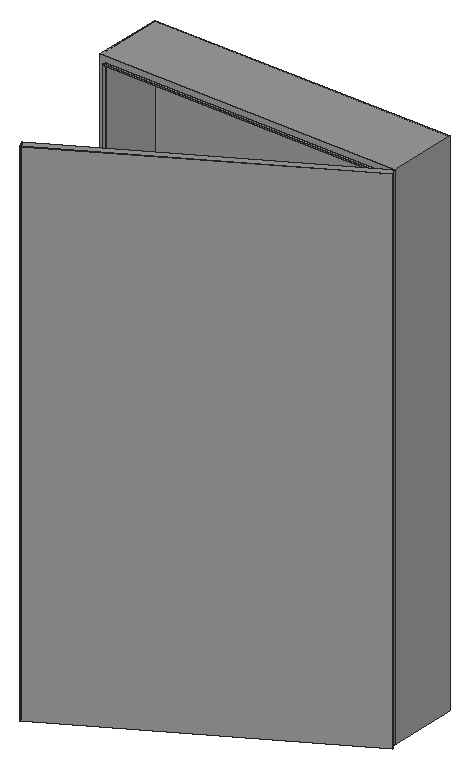
Revit family "Hager-Univers-IP44-D205-H1400-Cl.I-Encl-NoHosted-PL-pl", category Electrical Equipment, Revit 2020
Family settings
  Panel Configuration = Two Columns, Circuits Across
  Round Connector Dimension = Use Diameter
  Part Type = Panelboard
  Work Plane-Based = Yes
  Always vertical = Yes
  Cut with Voids When Loaded = No
  Shared = No
  Room Calculation Point = No
Parameters (values of type "Montaż natynkowy IP44 S800 W1400 G205  - FP93TN2")
  Width Control [instance] = if([EF000008 - Szerokość] > Min Width, [EF000008 - Szerokość], Min Width)  # 800 mm
  Type Comments = [HG000003 - Zakres]  # "Univers"
  Thickness Door [instance] = if([EF009171 - Drzwi/pokrywa z materiału o wysokiej wytrzymałości mechanicznej] > 3 mm, 3 mm, [EF009171 - Drzwi/pokrywa z materiału o wysokiej wytrzymałości mechanicznej])  # 1 mm
  Seal Frame Offset [instance] = 17 mm  # constant formula
  Plinth Visibility [instance] = [HG000027 - Wysokość cokołu] > 0 mm  # no
  Min Width [instance] = 100 mm  # constant formula
  Min Depth [instance] = (2 * [EF009170 - Obudowa z materiału o wysokiej wytrzymałości mechanicznej]) + 1 mm  # 3 mm
  Min Height [instance] = 100 mm  # constant formula
  Internal Frame Depth [instance] = (Door System Depth * 0.5)  # 9 mm
  Panel Name [instance] = ""  # (empty or 0)
  Model = ""
  HG000027 - Wysokość cokołu = 0 mm
  HG000026 - Stojąca = no
  HG000024 - Wysokość części dolnej = 600 mm
  HG000023 - Obudowa dwusekcyjna = no
  HG000016 - Widoczność drzwi w widoku 3D [instance] = yes
  HG000015 - Przestrzeń robocza - otwarcie drzwi [instance] = no
  HG000014 - Drzwi prawe [instance] = yes
  HG000013 - Drzwi lewe [instance] = not([HG000014 - Drzwi prawe])  # no
  HG000012 - Kąt otwarcia drzwi [instance] = 30.00°
  HG000010 - Drzwi asymetryczne = no
  HG000009 - Drzwi dwuskrzydłowe = no
  HG000006 - Montaż podtynkowy = no
  HG000004 - Referencja producenta = "FP93TN2"
  HG000003 - Zakres = "Univers"
  HG000002 - Z drzwiami lub pokrywą = yes
  Frame Offset Bottom [instance] = 10 mm  # constant formula
  Frame Offset [instance] = 15 mm  # constant formula
  EF015940 - Pokrywa z wyzwalaczem nadciśnieniowym = no
  EF011959 - Stopień ochrony (NEMA) = ""
  EF009554 - Liczba otworów pod flansze = 6
  EF009212 - Wykonanie pokrywy = "EV000116 - Zamknięty"
  EF009171 - Drzwi/pokrywa z materiału o wysokiej wytrzymałości mechanicznej = 1 mm
  EF009170 - Obudowa z materiału o wysokiej wytrzymałości mechanicznej = 1 mm
  EF008873 - Prąd znamionowy (In) = 250 A
  EF007800 - Do ochrony odgromowej = no
  EF006306 - Z zamkiem = no
  EF006244 - Transparentna pokrywa/drzwi = no
  EF005474 - Stopień ochrony (IP) = "EV006418 - IP44"
  EF004464 - Rodzaj drzwi = "EV002646 - Pojedynczy"
  EF004427 - Liczba modułów = 324
  EF004293 - Odporność udarowa = "EV006815 - IK09"
  EF003532 - Do zastosowań zewnętrznych = no
  EF002950 - Szerokość wyrażona liczbą modułów = 36
  EF001613 - Podtrzymanie funkcji = "EV000494 - Brak"
  EF001596 - Materiał obudowy = "EV000179 - Stal"
  EF001131 - Głębokość wewnętrzna = 130 mm
  EF001088 - Możliwość rozbudowy = yes
  EF000437 - Liczba wejść kablowych = 6
  EF000339 - Rodzaj pokrywy = "EV001012 - Pokrywa"
  EF000266 - Liczba rzędów = 9
  EF000218 - Głębokość wbudowania = 205 mm
  EF000118 - Z płytą montażową = no
  EF000116 - Numer RAL = "9010"
  EF000049 - Głębokość = 205 mm
  EF000040 - Wysokość = 1400 mm
  EF000008 - Szerokość = 800 mm
  EF000007 - Kolor = "EV000202 - Biały"
  EF000003 - Sposób montażu = "EV000384 - Montaż natynkowy"
  Door System Leaf Tolerance [instance] = 1.5 mm  # constant formula
  Door System Depth [instance] = 18 mm  # constant formula
  Door Height [instance] = Height Control - [HG000027 - Wysokość cokołu]  # 1400 mm
  Description = ""
  Default Elevation = 1219.2 mm
  Connector Offset [instance] = Height Control / 2  # 700 mm
  Manufacturer = "Hager"  # constant formula
  Height Control [instance] = if([EF000040 - Wysokość] > Min Height, [EF000040 - Wysokość], Min Height)  # 1400 mm
  Depth Control [instance] = if([EF000049 - Głębokość] > Min Depth, [EF000049 - Głębokość], Min Depth)  # 205 mm
  Bottom Top Plate Trim [instance] = 1.5 mm  # constant formula
  Plinth height Ctrl [instance] = if([HG000027 - Wysokość cokołu] > 0 mm, [HG000027 - Wysokość cokołu], 12 mm)  # 12 mm
Types (4, lengths in mm): name | Width Control | HG000010 - Drzwi asymetryczne | HG000009 - Drzwi dwuskrzydłowe | HG000004 - Referencja producenta | EF009554 - Liczba otworów pod flansze | EF004464 - Rodzaj drzwi | EF004427 - Liczba modułów | EF002950 - Szerokość wyrażona liczbą modułów | EF000437 - Liczba wejść kablowych | EF000008 - Szerokość
  Montaż natynkowy IP44 S1300 W1400 G205  - FP95TN2 | 1300 | yes | yes | "FP95TN2" | 10 | "EV003602 - Podwójny" | 540 | 60 | 10 | 1300
  Montaż natynkowy IP44 S300 W1400 G205  - FP91TN2 | 300 | no | no | "FP91TN2" | 2 | "EV002646 - Pojedynczy" | 108 | 12 | 2 | 300
  Montaż natynkowy IP44 S550 W1400 G205  - FP92TN2 | 550 | no | no | "FP92TN2" | 4 | "EV002646 - Pojedynczy" | 216 | 24 | 4 | 550
  Montaż natynkowy IP44 S800 W1400 G205  - FP93TN2 | 800 | no | no | "FP93TN2" | 6 | "EV002646 - Pojedynczy" | 324 | 36 | 6 | 800
Reference planes
  plane 1 "Center (Front/Back)": y = 0
  plane 2: z = 0
  plane 3 "Center (Left/Right)": x = 0
  plane 4: y = 0
  plane 5: y = 0
  plane 6: z = 0
  plane 7: x = -400
  plane 8: x = 400
  plane 9: x = 399
  plane 10: x = -399
  plane 11: z = 0
  plane 12: z = 1
  plane 13: y = -205
  plane 14: y = -1
  plane 15: x = 0
  plane 16: y = -187
  plane 17: y = -204
  plane 18: y = -186
  plane 19: x = -384
  plane 20: x = 384
  plane 21: z = 11
  plane 22: x = -383
  plane 23: x = 383
  plane 24: z = 0
  plane 25: z = 1400
  plane 26: z = 1400
  plane 27: z = 1384
  plane 28: z = 1399
Forms (mm)
  Extrusion 1, solid, material "Hager_Steel_RAL7035_Light_Grey", detail levels medium+fine
    sketch origin (-208.679, -4572, 0) x (-1, 0, 0) y (0, -1, 0)
      loop
        line (191.321, -4385) -> (-608.679, -4385) -> (-608.679, -4572) -> (191.321, -4572) -> (191.321, -4385)
    from 0 to 1400
  Extrusion 2, void
    sketch origin (-350.771, -205, 1219.2) x (1, 0, 0) y (0, 0, 1)
      loop
        line (-48.229, 179.8) -> (-48.229, -1218.2) -> (749.771, -1218.2) -> (749.771, 179.8) -> (-48.229, 179.8)
    from -19 to -204
  Extrusion 3, void
    sketch origin (-290.084, -187, 1219.2) x (1, 0, 0) y (0, 0, 1)
      loop
        line (-93.916, -1208.2) -> (674.084, -1208.2) -> (674.084, 164.8) -> (-93.916, 164.8) -> (-93.916, -1208.2)
    from 0 to -1
  Extrusion 4, solid, material "Hager_Steel_RAL7035_Light_Grey", visible <- "Plinth Visibility", detail levels medium+fine
    sketch origin (0, 0, 0) x (1, 0, 0) y (0, 1, 0)
      loop
        line (-400, 0) -> (-400, -187) -> (400, -187) -> (400, 0) -> (-400, 0)
    from 0 to 12 <- "Plinth height Ctrl"
  Extrusion 5, solid, material "Hager_Steel_RAL7035_Light_Grey", detail levels coarse
    sketch origin (0, 0, 0) x (1, 0, 0) y (0, 1, 0)
      loop
        line (-400, 0) -> (-400, -205) -> (400, -205) -> (400, 0) -> (-400, 0)
    from 0 to 1400 <- "Height Control"
  Sweep 6, void
    path in 3D
      loop
        line (-400, -187, 12) -> (400, -187, 12) -> (400, 0, 12) -> (-400, 0, 12) -> (-400, -187, 12)
    profile origin (-400, -93.5, 12) x (1, 0, 0) y (0, 0, 1)
      loop
        line (0, 0) -> (0, -1.5) -> (1.5, -1.5)
        arc (1.5, -1.5) -> (1.061, -0.439) -> (0, 0) r 1.5
  Extrusion 7, solid, material "Hager_Steel_RAL7035_Light_Grey", detail levels fine
    sketch origin (-400, -187, 0) x (1, 0, 0) y (0, 0, 1)
      loop
        line (16, 11) -> (784, 11) -> (784, 1384) -> (16, 1384) -> (16, 11)
      loop
        line (15, 10) -> (785, 10) -> (785, 1385) -> (15, 1385) -> (15, 10)
    from 0 to 9 <- "Internal Frame Depth"
Cuts and joins
  Extrusion 2, Extrusion 3 cuts Extrusion 1
  Sweep 6 cuts Extrusion 4
Lines and regions (mm)
  Masking region 1
    outline origin (0, 0, 0) x (1, 0, 0) y (0, 1, 0)
      loop
        line (-400, 0) -> (-400, -205) -> (400, -205) -> (400, 0) -> (-400, 0)
  Masking region 2, detail levels coarse
    outline origin (-290.084, -187, 1219.2) x (-1, 0, 0) y (0, 0, 1)
      loop
        line (-690.084, -1219.2) -> (109.916, -1219.2) -> (109.916, 180.8) -> (-690.084, 180.8) -> (-690.084, -1219.2)
  Masking region 3, detail levels coarse
    outline origin (0, 0, 0) x (0, 1, 0) y (0, 0, 1)
      loop
        line (0, 0) -> (0, 1400) -> (-205, 1400) -> (-205, 0) -> (0, 0)
  Masking region 4, visible <- "Plinth Visibility", detail levels medium+fine
    outline origin (0, 0, 0) x (0, 1, 0) y (0, 0, 1)
      loop
        line (-1.5, 12) -> (-185.5, 12)
        arc (-185.5, 12) -> (-185.939, 10.939) -> (-187, 10.5) r 1.5
        line (-187, 10.5) -> (-187, 0) -> (0, 0) -> (0, 10.5)
        arc (0, 10.5) -> (-1.061, 10.939) -> (-1.5, 12) r 1.5
  Masking region 5, detail levels medium+fine
    outline origin (0, 0, 594.038) x (0, 1, 0) y (0, 0, 1)
      loop
        line (0, -594.038) -> (0, 805.962) -> (-187, 805.962) -> (-187, -594.038) -> (0, -594.038)
  Masking region 6, detail levels medium+fine
    outline origin (-359.7, -187, 1211.883) x (-1, 0, 0) y (0, 0, 1)
      loop
        line (-759.7, -1211.883) -> (40.3, -1211.883) -> (40.3, 188.117) -> (-759.7, 188.117) -> (-759.7, -1211.883)
  Masking region 7, visible <- "Plinth Visibility", detail levels medium+fine
    outline origin (-320.334, -187, 1041.368) x (-1, 0, 0) y (0, 0, 1)
      loop
        line (-720.334, -1041.368) -> (79.666, -1041.368) -> (79.666, -1030.868)
        arc (79.666, -1030.868) -> (78.606, -1030.429) -> (78.166, -1029.368) r 1.5
        line (78.166, -1029.368) -> (-718.834, -1029.368)
        arc (-718.834, -1029.368) -> (-719.273, -1030.429) -> (-720.334, -1030.868) r 1.5
        line (-720.334, -1030.868) -> (-720.334, -1041.368)
  sketch lines
    curve 1: line (-400, 0, 12) -> (-400, -187, 12)
    curve 2: line (-400, -187, 12) -> (400, -187, 12)
    curve 3: line (400, 0, 12) -> (-400, 0, 12)
    curve 4: line (400, -187, 12) -> (400, 0, 12)
Dimensions and locks
  locked: plane 1 "Center (Front/Back)" to plane 5
  "EF009170 - Obudowa z materiału o wysokiej wytrzymałości mechanicznej": plane 7 to plane 10
  "EF009170 - Obudowa z materiału o wysokiej wytrzymałości mechanicznej": plane 8 to plane 9
  equal spacing: plane 7, plane 3 "Center (Left/Right)", plane 8
  "Width Control": plane 7 to plane 8
  "Depth Control": plane 4 to plane 13
  "EF009170 - Obudowa z materiału o wysokiej wytrzymałości mechanicznej": plane 4 to plane 14
  "Height Control": plane 25 to level
  "HG000027 - Wysokość cokołu": plane 11 to level
  "EF009170 - Obudowa z materiału o wysokiej wytrzymałości mechanicznej": plane 12 to plane 11
  "EF009170 - Obudowa z materiału o wysokiej wytrzymałości mechanicznej": plane 17 to plane 13
  "EF009170 - Obudowa z materiału o wysokiej wytrzymałości mechanicznej": plane 18 to plane 16
  "Frame Offset Bottom": plane 21 to plane 12
  "Frame Offset": plane 10 to plane 19
  "Frame Offset": plane 9 to plane 20
  "Door System Depth": plane 16 to plane 13
  "Seal Frame Offset": plane 7 to plane 22
  "Seal Frame Offset": plane 8 to plane 23
  "EF009170 - Obudowa z materiału o wysokiej wytrzymałości mechanicznej": plane 26 to plane 28
  "Frame Offset": plane 28 to plane 27
  "Connector Offset": plane 2 to connector elem
  "Bottom Top Plate Trim": profile plane to Sweep 6 sketch curve
  "Bottom Top Plate Trim": Sweep 6 sketch curve to Sweep 6 sketch curve
  "Plinth height Ctrl": Masking region 4 sketch curve to level
  "Plinth height Ctrl": Masking region 7 sketch curve to level
  "Thickness Door": Extrusion 7 sketch curve to Extrusion 7 sketch curve  (x4)
  "Bottom Top Plate Trim": radius of Sweep 6 sketch curve
  "Bottom Top Plate Trim": radius of Masking region 4 sketch curve  (x2)
  "Bottom Top Plate Trim": radius of Masking region 7 sketch curve  (x2)
  aligned and locked: Extrusion 2 sketch curve to plane 12
  aligned and locked: Extrusion 2 sketch curve to plane 9
  aligned and locked: Extrusion 2 sketch curve to plane 10
  aligned and locked: Extrusion 2 to plane 14
  aligned and locked: Extrusion 1 sketch curve to plane 4
  aligned and locked: plane 8 to Extrusion 1 sketch curve
  aligned and locked: plane 7 to Extrusion 1 sketch curve
  aligned and locked: Extrusion 2 to plane 18
  aligned and locked: Extrusion 3 sketch curve to plane 19
  aligned and locked: plane 20 to Extrusion 3 sketch curve
  aligned and locked: Extrusion 3 to Extrusion 2
  aligned and locked: Extrusion 3 sketch curve to plane 21
  aligned and locked: plane 3 "Center (Left/Right)" to nested 1
  aligned and locked: Extrusion 1 sketch curve to plane 16
  aligned and locked: Extrusion 4 sketch curve to cut or joined group of Extrusion 1, Extrusion 2, Extrusion 3
  aligned and locked: Masking region 1 sketch curve to plane 7
  aligned and locked: Masking region 1 sketch curve to plane 5
  aligned and locked: Masking region 1 sketch curve to plane 8
  aligned and locked: Masking region 2 sketch curve to level
  aligned and locked: level to Masking region 3 sketch curve
  aligned and locked: plane 1 "Center (Front/Back)" to Masking region 3 sketch curve
  aligned and locked: plane 13 to Masking region 3 sketch curve
  aligned and locked: plane 5 to Masking region 4 sketch curve
  aligned and locked: Masking region 2 sketch curve to plane 8
  aligned and locked: Masking region 2 sketch curve to plane 7
  aligned and locked: plane 7 to nested 2
  aligned and locked: nested 2 to plane 5
  aligned and locked: plane 5 to Masking region 5 sketch curve
  aligned and locked: plane 26 to Masking region 5 sketch curve
  aligned and locked: Extrusion 5 sketch curve to plane 8
  aligned and locked: Extrusion 5 sketch curve to plane 7
  aligned and locked: Extrusion 5 sketch curve to plane 5
  aligned and locked: Extrusion 3 sketch curve to plane 27
  aligned and locked: Extrusion 2 sketch curve to plane 28
  aligned and locked: Masking region 2 to plane 25
  aligned and locked: Extrusion 4 to plane 16
  aligned and locked: profile plane to Sweep 6 sketch curve
  aligned and locked: Masking region 5 sketch curve to plane 24
  aligned and locked: level to Masking region 4 sketch curve
  aligned and locked: Masking region 1 to plane 13
  aligned and locked: nested 1 to plane 16
  aligned and locked: Masking region 3 to plane 25
  aligned and locked: plane 16 to Masking region 4 sketch curve
  aligned and locked: Masking region 5 sketch curve to plane 16
  aligned and locked: plane 24 to plane 11
  aligned and locked: plane 26 to plane 25
  aligned and locked: plane 26 to cut or joined group of Extrusion 1, Extrusion 2, Extrusion 3
  aligned and locked: nested 1 to plane 24
  aligned and locked: Extrusion 1 to Extrusion 3
  aligned and locked: Masking region 6 sketch curve to plane 8
  aligned and locked: Masking region 6 sketch curve to plane 24
  aligned and locked: Masking region 6 sketch curve to plane 7
  aligned and locked: Masking region 6 sketch curve to plane 26
  aligned and locked: Masking region 7 sketch curve to plane 7
  aligned and locked: level to Masking region 7 sketch curve
  aligned and locked: Masking region 7 sketch curve to plane 8
  aligned and locked: Extrusion 7 sketch curve to cut or joined group of Extrusion 1, Extrusion 2, Extrusion 3  (x4)
Automatic sketch dimensions
  plane 19 to Extrusion 3 sketch curve = 0 mm
  Extrusion 3 sketch curve to plane 20 = 0 mm
  Extrusion 3 sketch curve to plane 21 = 0 mm
  Extrusion 4 sketch curve to plane 7 = 0 mm
  Extrusion 4 sketch curve to plane 8 = 0 mm
  Extrusion 4 sketch curve to plane 16 = 0 mm
  Masking region 1 sketch curve to plane 13 = 0 mm
  Masking region 2 sketch curve to plane 25 = 0 mm
  Masking region 3 sketch curve to plane 25 = 0 mm
  Extrusion 5 sketch curve to plane 13 = 0 mm
  profile plane to Sweep 6 sketch curve = 0 mm
Nested families
  nested 1: "EC000058_Univers_Door" at (0, -187, 0), Double <- "HG000009 - Drzwi dwuskrzydłowe", Transparent <- "EF006244 - Transparentna pokrywa/drzwi", Angle <- "HG000012 - Kąt otwarcia drzwi", Door_Right <- "HG000014 - Drzwi prawe", Assymetrical <- "HG000010 - Drzwi asymetryczne", Door <- "HG000002 - Z drzwiami lub pokrywą", Width_Ctrl <- "Width Control", 3d_Door <- "HG000016 - Widoczność drzwi w widoku 3D", Clearance <- "HG000015 - Przestrzeń robocza - otwarcie drzwi", Door_Left <- "HG000013 - Drzwi lewe", Width <- "Width Control", Door_Depth <- "Door System Depth", Leaf_Tolerance <- "Door System Leaf Tolerance", Height <- "Door Height", Lock_Visibility <- "EF006306 - Z zamkiem", Thickness <- "Thickness Door", type "EC000058_Univers_Door", detail levels medium+fine
    with min_wh 3 mm, Width_Ctrl 800 mm, Width 800 mm, Transparent no, Thickness 1 mm, Seal_Material Hager_Rubber, Lock_Visibility no, Lock_Material Hager_Plastic_RAL9005_Jet_Black, Leaf_Width 800 mm, Leaf_Tolerance_External_Sides 0 mm, Leaf_Tolerance 1.5 mm, Leaf_Offset 0 mm, Leaf_Height 1397 mm, Leaf_2_Width 800 mm, Leaf_2_Offset 400 mm, Leaf_1_Width 800 mm, Leaf_1_Offset 400 mm, Height_Ctrl 1400 mm, Height 1400 mm, Glass_Material Hager_Glass, Double_Clearance_Ctrl no, Double no, Door_Right_Ctrl yes, Door_Right yes, Door_Material Hager_Steel_RAL7035_Light_Grey, Door_Left_Ctrl no, Door_Left no, Door_Depth 18 mm, Door yes, Clearance_Material Hager_Clearance, Clearance_Depth 800 mm, Clearance_Ctrl no, Clearance no, Assymetrical no, Angle 30.00°, 3d_Door yes
  nested 2: "Hager_Enclosure_Symbol" at (-400, 0, 0), Height <- "Depth Control", Width <- "Width Control", type "Hager_Enclosure_Symbol"
    with Width_Ctrl 800 mm, Width 800 mm, Height_Ctrl 205 mm, Height 205 mm, A_Width_Int 13.453 mm, A_Width 161.438 mm, A_Height_Ctrl 179.375 mm, A_Height 179.375 mm
Connectors
  electrical at (0, 0, 700)
    settings: on plane 1 "Center (Front/Back)", index 1, voltage 0 V, apparent load 0 VA, apparent load phase1 0 VA, apparent load phase2 0 VA, apparent load phase3 0 VA, power factor 1, load classification "Other", number of poles 1, system type 30, power factor state 1, is connector primary yes, connector utility no, sub classification motor no, connector description ""
Definition of nested family "EC000058_Univers_Door"
  Parameters (values of type "EC000058_Univers_Door")
    min_wh [instance] = (2 * Thickness) + 1 mm  # 11 mm
    Width_Ctrl [instance] = 400 mm
    Width [instance] = 500 mm
    Transparent [instance] = yes
    Thickness [instance] = 5 mm
    Seal_Material [instance] = none
    Lock_Visibility [instance] = yes
    Lock_Material [instance] = none
    Leaf_Width [instance] = if((Width_Ctrl - 2 * Leaf_Tolerance_External_Sides) > 0 mm, (Width_Ctrl - 2 * Leaf_Tolerance_External_Sides), min_wh)  # 400 mm
    Leaf_Tolerance_External_Sides [instance] = 0 mm  # constant formula
    Leaf_Tolerance [instance] = 1.5 mm
    Leaf_Offset [instance] = 0 mm  # constant formula
    Leaf_Height [instance] = if((Height_Ctrl - 2 * Leaf_Tolerance) > 0 mm, (Height_Ctrl - 2 * Leaf_Tolerance), min_wh)  # 497 mm
    Leaf_2_Width [instance] = if(and(and(Double, Assymetrical), Door_Left), (Leaf_Width / 3) - (Leaf_Tolerance / 2), if(and(and(Double, Assymetrical), Door_Right), (Leaf_Width / 3) * 2 - (Leaf_Tolerance / 2), if(and(Double, not(Assymetrical)), (Leaf_Width / 2) - Leaf_Tolerance, Leaf_Width)))  # 400 mm
    Leaf_2_Offset [instance] = if(and(Double, Assymetrical), Leaf_2_Width / 2, if(and(Double, not(Assymetrical)), Leaf_Width / 4, Leaf_Width / 2))  # 200 mm
    Leaf_1_Width [instance] = if(and(and(Double, Assymetrical), Door_Right), (Leaf_Width / 3) - (Leaf_Tolerance / 2), if(and(and(Double, Assymetrical), Door_Left), (Width / 3) * 2 - (Leaf_Tolerance / 2), if(and(Double, not(Assymetrical)), (Leaf_Width / 2) - Leaf_Tolerance, Leaf_Width)))  # 400 mm
    Leaf_1_Offset [instance] = if(and(Double, Assymetrical), Leaf_1_Width / 2, if(and(Double, not(Assymetrical)), Leaf_Width / 4, Leaf_Width / 2))  # 200 mm
    Height_Ctrl [instance] = if(Height > min_wh, Height, min_wh)  # 500 mm
    Height [instance] = 500 mm
    Glass_Material [instance] = none
    Double_Clearance_Ctrl [instance] = and(Double, Clearance)  # no
    Double [instance] = no
    Door_Right_Ctrl [instance] = and(or(Door_Right, Double), Door)  # yes
    Door_Right [instance] = yes
    Door_Material [instance] = none
    Door_Left_Ctrl [instance] = and(or(Door_Left, Double), Door)  # no
    Door_Left [instance] = no
    Door_Depth [instance] = 30 mm
    Door [instance] = yes
    Default Elevation = 1219.2 mm
    Clearance_Material [instance] = none
    Clearance_Depth [instance] = if(Leaf_1_Width > Leaf_2_Width, Leaf_1_Width, Leaf_2_Width)  # 400 mm
    Clearance_Ctrl [instance] = and(not(Double), Clearance)  # yes
    Clearance [instance] = yes
    Assymetrical [instance] = yes
    Angle [instance] = 30.00°
    3d_Door [instance] = yes
  Reference planes
    plane 1 "Center (Front/Back)": y = 0
    plane 2 "Bottom": z = 0
    plane 3 "Center (Left/Right)": x = 0
    plane 4: z = 500
    plane 5: x = -200
    plane 6: x = 200
    plane 7: z = 500
    plane 8: x = -200
    plane 9: z = 0
    plane 10: x = 200
    plane 11: y = 0
    plane 12: z = 1.5
    plane 13: x = -600
    plane 14: y = -400
    plane 15: x = 600
    plane 16: x = 0
    plane 17: x = 0
    plane 18: x = -200
    plane 19: x = 200
    plane 20: z = 498.5
  Forms (mm)
    Extrusion 1, solid, material <- "Clearance_Material", visible <- "Double_Clearance_Ctrl"
      sketch origin (1200, 0, 0) x (1, 0, 0) y (0, 0, -1)
        loop
          line (-1800, -498.5) -> (-600, -498.5) -> (-600, 0) -> (-1800, 0) -> (-1800, -498.5)
      from 0 to -400
  Dimensions and locks
    equal spacing: plane 5, plane 3 "Center (Left/Right)", plane 6
    "Width_Ctrl": plane 5 to plane 6
    "Leaf_Offset": plane 5 to plane 8
    "Leaf_Offset": plane 6 to plane 10
    "Leaf_Offset": plane 9 to level
    "Leaf_Offset": plane 4 to plane 7
    "Height_Ctrl": plane 4 to level
    "Leaf_Tolerance": plane 12 to plane 9
    locked: plane 11 to plane 1 "Center (Front/Back)"
    "Leaf_1_Offset": plane 18 to plane 16
    "Leaf_2_Offset": plane 17 to plane 19
    "Leaf_1_Width": plane 13 to plane 8
    "Leaf_2_Width": plane 10 to plane 15
    "Clearance_Depth": plane 14 to plane 1 "Center (Front/Back)"
    "Leaf_Tolerance_External_Sides": plane 8 to plane 18
    "Leaf_Tolerance_External_Sides": plane 19 to plane 10
    "Leaf_Tolerance": plane 7 to plane 20
    aligned and locked: level to plane 2 "Bottom"
    aligned and locked: nested 1 to plane 16
    aligned and locked: nested 2 to plane 17
    aligned and locked: Extrusion 1 to plane 13
    aligned and locked: plane 15 to Extrusion 1
    aligned and locked: Extrusion 1 to plane 14
    aligned and locked: plane 12 to nested 1
    aligned and locked: nested 2 to plane 12
    aligned and locked: Extrusion 1 to plane 11
    aligned and locked: plane 20 to Extrusion 1
    aligned and locked: nested 2 to plane 11
    aligned and locked: nested 1 to plane 11
  Automatic sketch dimensions
    Extrusion 1 sketch curve to level = 0 mm
    plane 5 to Extrusion 1 sketch curve = 400 mm
    plane 6 to Extrusion 1 sketch curve = 400 mm
    Extrusion 1 sketch curve to plane 4 = 1.5 mm
  Nested families
    nested 1: "EC000058_Univers_Door_Leaf" at (0, 0, 1.5), Width <- "Leaf_1_Width", visible <- "Door_Left_Ctrl", Leaf_Height <- "Leaf_Height", Angle <- "Angle", 3d_Door <- "3d_Door", Transparent <- "Transparent", Clearance Material <- "Clearance_Material", Clearance <- "Clearance_Ctrl", Door_Material <- "Door_Material", Glass_Material <- "Glass_Material", Door_Depth <- "Door_Depth", Lock_Material <- "Lock_Material", Seal_Material <- "Seal_Material", Lock_Visibility <- "Lock_Visibility", Thickness <- "Thickness", type "EC000058_Univers_Door_Leaf"
      with Width 400 mm, Transparent_Glass_Offset 30 mm, Transparent_Ctrl yes, Transparent yes, Thickness 5 mm, Standard no, Seal_Material none, Seal_D2 8 mm, Seal_D1 1 mm, Offset_Internal_Frame 10 mm, Lock_Width 20 mm, Lock_Visibility_3d yes, Lock_Visibility yes, Lock_Thickness_3 3 mm, Lock_Thickness_2 1 mm, Lock_Thickness_1 3 mm, Lock_Radius_Offset_2 16 mm, Lock_Radius_Offset_1 15 mm, Lock_Radius_2 5 mm, Lock_Radius 6 mm, Lock_Offset 5 mm, Lock_Material none, Lock_Height 80 mm, Lock_Cover_Top_Offset_2d 17 mm, Lock_Cover_Height -65 mm, Leaf_Height 497 mm, Internal_Seal_Thickness 8 mm, Internal_Seal_Depth_2 4.5 mm, Internal_Frame_Depth 25 mm, Glass_Thickness -1 mm, Glass_Offset -2 mm, Glass_Material none, Door_Material none, Door_Depth 30 mm, Clearance Material none, Clearance yes, Angle_Ctrl 30.00°, Angle 30.00°, 3d_Door yes
    nested 2: "EC000058_Univers_Door_Leaf" at (0, 0, 1.5) x (-1, 0, 0) z (0, 0, 1), Width <- "Leaf_2_Width", visible <- "Door_Right_Ctrl", Leaf_Height <- "Leaf_Height", Angle <- "Angle", 3d_Door <- "3d_Door", Transparent <- "Transparent", Clearance Material <- "Clearance_Material", Clearance <- "Clearance_Ctrl", Door_Material <- "Door_Material", Glass_Material <- "Glass_Material", Door_Depth <- "Door_Depth", Lock_Material <- "Lock_Material", Seal_Material <- "Seal_Material", Lock_Visibility <- "Lock_Visibility", Thickness <- "Thickness", type "EC000058_Univers_Door_Leaf"
      with Width 400 mm, Transparent_Glass_Offset 30 mm, Transparent_Ctrl yes, Transparent yes, Thickness 5 mm, Standard no, Seal_Material none, Seal_D2 8 mm, Seal_D1 1 mm, Offset_Internal_Frame 10 mm, Lock_Width 20 mm, Lock_Visibility_3d yes, Lock_Visibility yes, Lock_Thickness_3 3 mm, Lock_Thickness_2 1 mm, Lock_Thickness_1 3 mm, Lock_Radius_Offset_2 16 mm, Lock_Radius_Offset_1 15 mm, Lock_Radius_2 5 mm, Lock_Radius 6 mm, Lock_Offset 5 mm, Lock_Material none, Lock_Height 80 mm, Lock_Cover_Top_Offset_2d 17 mm, Lock_Cover_Height -65 mm, Leaf_Height 497 mm, Internal_Seal_Thickness 8 mm, Internal_Seal_Depth_2 4.5 mm, Internal_Frame_Depth 25 mm, Glass_Thickness -1 mm, Glass_Offset -2 mm, Glass_Material none, Door_Material none, Door_Depth 30 mm, Clearance Material none, Clearance yes, Angle_Ctrl 30.00°, Angle 30.00°, 3d_Door yes
  Definition of nested family "EC000058_Univers_Door_Leaf"
    Parameters (values of type "EC000058_Univers_Door_Leaf")
      Width [instance] = 2000 mm
      Transparent_Glass_Offset [instance] = 30 mm
      Transparent_Ctrl [instance] = and(Transparent, [3d_Door])  # yes
      Transparent [instance] = yes
      Thickness [instance] = 5 mm
      Standard [instance] = and(not(Transparent), [3d_Door])  # no
      Seal_Material [instance] = none
      Seal_D2 [instance] = 8 mm  # constant formula
      Seal_D1 [instance] = 1 mm  # constant formula
      Offset_Internal_Frame [instance] = 10 mm  # constant formula
      Lock_Width [instance] = 20 mm  # constant formula
      Lock_Visibility_3d [instance] = and(Lock_Visibility, [3d_Door])  # yes
      Lock_Visibility [instance] = yes
      Lock_Thickness_3 [instance] = 3 mm  # constant formula
      Lock_Thickness_2 [instance] = 1 mm  # constant formula
      Lock_Thickness_1 [instance] = 3 mm  # constant formula
      Lock_Radius_Offset_2 [instance] = Lock_Radius_Offset_1 + 1 mm  # 16 mm
      Lock_Radius_Offset_1 [instance] = 15 mm  # constant formula
      Lock_Radius_2 [instance] = Lock_Radius - 1 mm  # 5 mm
      Lock_Radius [instance] = 6 mm  # constant formula
      Lock_Offset [instance] = 5 mm  # constant formula
      Lock_Material [instance] = none
      Lock_Height [instance] = 80 mm  # constant formula
      Lock_Cover_Top_Offset_2d [instance] = Lock_Radius_Offset_2 + 1 mm  # 17 mm
      Lock_Cover_Height [instance] = -(Lock_Height - Lock_Radius_Offset_1)  # -65 mm
      Leaf_Height [instance] = 2720.336 mm
      Internal_Seal_Thickness [instance] = 8 mm  # constant formula
      Internal_Seal_Depth_2 [instance] = 4.5 mm  # constant formula
      Internal_Frame_Depth [instance] = if(Door_Depth - Thickness > 5 mm, Door_Depth - Thickness, 5 mm)  # 25 mm
      Glass_Thickness [instance] = if(Thickness > 15 mm, Glass_Offset + 10 mm, -1 mm)  # -1 mm
      Glass_Offset [instance] = if(Thickness > 15 mm, -(Thickness + 10 mm) / 2, -2 mm)  # -2 mm
      Glass_Material [instance] = none
      Door_Material [instance] = none
      Door_Depth [instance] = 30 mm
      Default Elevation = 0 mm
      Clearance Material [instance] = none
      Clearance [instance] = yes
      Angle_Ctrl [instance] = if(Angle > 180.00°, 180.00°, Angle)  # 90.00°
      Angle [instance] = 90.00°
      3d_Door [instance] = yes
    Reference planes
      plane 1 "Center (Front/Back)": y = 0
      plane 2: z = 0
      plane 3 "Center (Left/Right)": x = 0
      plane 4: y = 2000
      plane 5: x = -1000
      plane 6: x = 1000
      plane 7: x = -3000
      plane 8: z = 2720.336
      plane 9: z = 30
      plane 10: z = 2690.336
      plane 11: x = 970
      plane 12: x = -970
      plane 13: y = -3
      plane 14: z = 107.833
      plane 15: y = -5
      plane 16: y = -223.314
      plane 17: x = -1000
      plane 18: z = 1360.168
      plane 19: y = 30
    Forms (mm)
      Extrusion 1, solid, material <- "Clearance Material", visible <- "Clearance"
        sketch origin (0, 0, 0) x (1, 0, 0) y (0, 0, 1)
          loop
            line (-3000, 2720.336) -> (-3000, 0) -> (1000, 0) -> (1000, 2720.336) -> (-3000, 2720.336)
        from 0 to -2000
      Extrusion 2, solid, material <- "Door_Material", visible <- "Standard", detail levels medium+fine
        sketch origin (-1000, 0, 0) x (0, 1, 0) y (-1, 0, 0)
          loop
            line (0, 30) -> (0, 25) -> (2000, 25) -> (2000, 30) -> (0, 30)
        from 0 to 2720.336 <- "Leaf_Height"
      Extrusion 3, solid, material <- "Door_Material", visible <- "Transparent_Ctrl", detail levels medium+fine
        sketch origin (-1000, 0, 0) x (0, 1, 0) y (-1, 0, 0)
          loop
            line (0, 25) -> (2000, 25) -> (2000, 30) -> (0, 30) -> (0, 25)
        from 0 to 2720.336 <- "Leaf_Height"
      Extrusion 4, void
        sketch origin (-1025, 2000, 0) x (0, 1, 0) y (0, 0, -1)
          loop
            line (-30, -2690.336) -> (-30, -30) -> (-1970, -30) -> (-1970, -2690.336) -> (-30, -2690.336)
        from 0 to 5 <- "Thickness"
      Sweep 5, solid, material <- "Seal_Material", visible <- "Transparent_Ctrl", detail levels fine
        path in 3D
          loop
            line (-1025, 30, 30) -> (-1025, 30, 2690.336) -> (-1025, 1970, 2690.336) -> (-1025, 1970, 30) -> (-1025, 30, 30)
        profile origin (-1025, 1000, 30) x (1, 0, 0) y (0, 0, 1)
          loop
            line (0, 0) -> (0, -8) -> (1, -8) -> (1, 0) -> (0, 0)
      Extrusion 6, solid, material <- "Glass_Material", visible <- "Transparent_Ctrl", detail levels medium+fine
        sketch origin (-1030, 0, 0) x (0, 1, 0) y (0, 0, -1)
          loop
            line (1970, -2690.336) -> (1970, -30) -> (30, -30) -> (30, -2690.336) -> (1970, -2690.336)
        from -2 <- "Glass_Offset" to -1 <- "Glass_Thickness"
      Extrusion 7, solid, material <- "Door_Material", visible <- "3d_Door", detail levels medium+fine
        sketch origin (-1025, 2000, 0) x (0, -1, 0) y (0, 0, -1)
          loop
            line (0, -2720.336) -> (2000, -2720.336) -> (2000, 0) -> (0, 0) -> (0, -2720.336)
          loop
            line (1995, -5) -> (5, -5) -> (5, -2715.336) -> (1995, -2715.336) -> (1995, -5)
        from 0 to 25 <- "Internal_Frame_Depth"
      Sweep 8, solid, material <- "Seal_Material", visible <- "Transparent_Ctrl", detail levels fine
        path in 3D
          loop
            line (-1025, 0, 0) -> (-1025, 2000, 0) -> (-1025, 2000, 2720.336) -> (-1025, 0, 2720.336) -> (-1025, 0, 0)
        profile origin (-1025, 0, 1360.168) x (1, 0, 0) y (0, 1, 0)
          loop
            line (0, 10) -> (2.975, 10)
            arc (2.975, 10) -> (4.053, 10.447) -> (4.5, 11.525) r 1.525
            line (4.5, 11.525) -> (4.5, 16.527)
            arc (4.5, 16.527) -> (4.069, 17.569) -> (3.027, 18) r 1.473
            line (3.027, 18) -> (0, 18) -> (0, 10)
      Extrusion 9, solid, material <- "Lock_Material", visible <- "Lock_Visibility_3d", detail levels fine
        sketch origin (-1030, 0, 0) x (0, 1, 0) y (0, 0, -1)
          loop
            arc (1993.5, -1400.168) -> (1994.561, -1399.729) -> (1995, -1398.668) r 1.5
            line (1995, -1398.668) -> (1995, -1320.168) -> (1975, -1320.168) -> (1975, -1398.668)
            arc (1975, -1398.668) -> (1975.439, -1399.729) -> (1976.5, -1400.168) r 1.5
            line (1976.5, -1400.168) -> (1993.5, -1400.168)
        from 3 <- "Lock_Thickness_1" to 0
      Blend 10, solid, material <- "Lock_Material", visible <- "Lock_Visibility_3d", detail levels fine
        base sketch origin (-1033, 0, 0) x (0, 1, 0) y (0, 0, -1)
          loop
            line (1975, -1320.168) -> (1975, -1398.668)
            arc (1975, -1398.668) -> (1975.439, -1399.729) -> (1976.5, -1400.168) r 1.5
            line (1976.5, -1400.168) -> (1993.5, -1400.168)
            arc (1993.5, -1400.168) -> (1994.561, -1399.729) -> (1995, -1398.668) r 1.5
            line (1995, -1398.668) -> (1995, -1320.168) -> (1975, -1320.168)
        top sketch origin (-1033, 0, 0) x (0, 1, 0) y (0, 0, -1)
          loop
            line (1976, -1320.168) -> (1976, -1398.668)
            arc (1976, -1398.668) -> (1976.146, -1399.022) -> (1976.5, -1399.168) r 0.5
            line (1976.5, -1399.168) -> (1993.5, -1399.168)
            arc (1993.5, -1399.168) -> (1993.854, -1399.022) -> (1994, -1398.668) r 0.5
            line (1994, -1398.668) -> (1994, -1320.168) -> (1976, -1320.168)
        from 0 to 1 <- "Lock_Thickness_2"
      Blend 11, solid, material <- "Lock_Material", visible <- "Lock_Visibility_3d", detail levels fine
        base sketch origin (-1034, 0, 0) x (0, 1, 0) y (0, 0, -1)
          loop
            line (1978, -1320.168) -> (1978, -1384.168)
            arc (1978, -1384.168) -> (1985, -1391.168) -> (1992, -1384.168) r 7
            line (1992, -1384.168) -> (1992, -1320.168) -> (1978, -1320.168)
        top sketch origin (-1034, 0, 0) x (0, 1, 0) y (0, 0, -1)
          loop
            line (1991, -1320.168) -> (1979, -1320.168) -> (1979, -1383.168)
            arc (1979, -1383.168) -> (1985, -1389.168) -> (1991, -1383.168) r 6
            line (1991, -1383.168) -> (1991, -1320.168)
        from 0 to 3 <- "Lock_Thickness_3"
      Extrusion 12, solid, material <- "Lock_Material", visible <- "Lock_Visibility_3d", detail levels fine
        sketch origin (-1030, 1975, 1320.168) x (1, 0, 0) y (0, -1, 0)
          loop
            line (-7, -19) -> (-7, -1) -> (0, -1) -> (0, 0) -> (-8, 0) -> (-8, -20) -> (0, -20) -> (0, -19) -> (-7, -19)
        from 0 to -65 <- "Lock_Cover_Height"
      Extrusion 13, void
        sketch origin (-1038, 1995, 1320.168) x (-1, 0, 0) y (0, 0, -1)
          loop
            line (-5, -65) -> (0, -65) -> (-5, -60) -> (-5, -65)
        from 0 to 20 <- "Lock_Width"
      Extrusion 14, void
        sketch origin (-1038, 1975, 1320.168) x (0, -1, 0) y (0, 0, -1)
          loop
            circle (-10, -15.995) r 6
          loop
            circle (-10, -15.995) r 5
        from 0 to 2
      Extrusion 15, solid, material <- "Lock_Material", visible <- "Lock_Visibility_3d", detail levels medium
        sketch origin (-1030, 0, 0) x (0, 1, 0) y (0, 0, -1)
          loop
            arc (1993.5, -1400.168) -> (1994.561, -1399.729) -> (1995, -1398.668) r 1.5
            line (1995, -1398.668) -> (1995, -1320.168) -> (1975, -1320.168) -> (1975, -1398.668)
            arc (1975, -1398.668) -> (1975.439, -1399.729) -> (1976.5, -1400.168) r 1.5
            line (1976.5, -1400.168) -> (1993.5, -1400.168)
        from 8 to 0
    Cuts and joins
      Extrusion 4 cuts Extrusion 3
      Extrusion 13, Extrusion 14 cuts Extrusion 9
      Extrusion 14 cuts Blend 11
      Extrusion 13, Extrusion 14 cuts Extrusion 12
      joined: Extrusion 9, Blend 10, Blend 11, Extrusion 12
      Extrusion 14 cuts Extrusion 15
    Lines and regions (mm)
      Masking region 1, visible <- "Lock_Visibility", detail levels fine
        outline origin (0, 0, 0) x (0, 1, 0) y (0, 0, 1)
          loop
            line (30, 1320.168) -> (33, 1320.168) -> (33, 1400.168) -> (30, 1400.168) -> (30, 1320.168)
      Masking region 2, visible <- "Lock_Visibility", detail levels fine
        outline origin (0, 3.143, 0) x (0, 1, 0) y (0, 0, 1)
          loop
            line (29.857, 1354.168) -> (30.857, 1354.168) -> (30.857, 1366.168) -> (29.857, 1366.168) -> (29.857, 1354.168)
      Masking region 3, detail levels medium+fine
        outline origin (0, 0, 0) x (0, 1, 0) y (0, 0, 1)
          loop
            line (0, 0) -> (30, 0) -> (30, 2720.336) -> (0, 2720.336) -> (0, 0)
      Masking region 4, detail levels medium+fine
        outline origin (0, 0, 0) x (1, 0, 0) y (0, 0, 1)
          loop
            line (-1000, 2720.336) -> (-1000, 0) -> (1000, 0) -> (1000, 2720.336) -> (-1000, 2720.336)
      Masking region 5, visible <- "Lock_Visibility", detail levels fine
        outline origin (-47.116, 0, 0) x (1, 0, 0) y (0, 0, 1)
          loop
            arc (1024.616, 1399.168) -> (1023.556, 1398.729) -> (1023.116, 1397.668) r 1.5
            line (1023.116, 1397.668) -> (1023.116, 1320.168) -> (1041.116, 1320.168) -> (1041.116, 1397.668)
            arc (1041.116, 1397.668) -> (1040.677, 1398.729) -> (1039.616, 1399.168) r 1.5
            line (1039.616, 1399.168) -> (1024.616, 1399.168)
      Masking region 6, visible <- "Lock_Visibility", detail levels medium+fine
        outline origin (-25, 0, 0) x (1, 0, 0) y (0, 0, 1)
          loop
            arc (1001.5, 1400.168) -> (1000.439, 1399.729) -> (1000, 1398.668) r 1.5
            line (1000, 1398.668) -> (1000, 1320.168) -> (1020, 1320.168) -> (1020, 1398.668)
            arc (1020, 1398.668) -> (1019.561, 1399.729) -> (1018.5, 1400.168) r 1.5
            line (1018.5, 1400.168) -> (1001.5, 1400.168)
      Masking region 7, visible <- "Lock_Visibility", detail levels fine
        outline origin (-73.735, 0, 0) x (1, 0, 0) y (0, 0, 1)
          loop
            line (1051.735, 1382.168) -> (1065.735, 1382.168) -> (1065.735, 1384.168)
            arc (1065.735, 1384.168) -> (1058.735, 1391.168) -> (1051.735, 1384.168) r 7
            line (1051.735, 1384.168) -> (1051.735, 1382.168)
      Masking region 8, visible <- "Lock_Visibility", detail levels fine
        outline origin (-73.735, 0, 0) x (1, 0, 0) y (0, 0, 1)
          loop
            line (1052.735, 1382.168) -> (1064.735, 1382.168) -> (1064.735, 1383.168)
            arc (1064.735, 1383.168) -> (1058.735, 1389.168) -> (1052.735, 1383.168) r 6
            line (1052.735, 1383.168) -> (1052.735, 1382.168)
      Masking region 9, visible <- "Lock_Visibility", detail levels fine
        outline origin (-25, 0, 0) x (1, 0, 0) y (0, 0, 1)
          loop
            line (1020, 1320.168) -> (1020, 1382.168) -> (1000, 1382.168) -> (1000, 1320.168) -> (1020, 1320.168)
      Masking region 10, detail levels medium+fine
        outline origin (0, 0, 0) x (1, 0, 0) y (0, 0, 1)
          loop
            circle (985, 1335.144) r 6
      Masking region 11, detail levels fine
        outline origin (0, 0, 0) x (1, 0, 0) y (0, 0, 1)
          loop
            circle (985, 1335.144) r 5
      Masking region 12, visible <- "Lock_Visibility", detail levels fine
        outline origin (0, 12.767, 0) x (0, 1, 0) y (0, 0, 1)
          loop
            line (20.233, 1320.168) -> (21.233, 1320.168) -> (21.233, 1399.168) -> (20.233, 1400.168) -> (20.233, 1320.168)
      Masking region 13, visible <- "Lock_Visibility", detail levels fine
        outline origin (0, 13.767, -10) x (0, 1, 0) y (0, 0, 1)
          loop
            line (20.233, 1330.168) -> (23.233, 1330.168) -> (23.233, 1399.168) -> (20.233, 1402.168) -> (20.233, 1330.168)
      Masking region 14, visible <- "Lock_Visibility", detail levels fine
        outline origin (0, 12.767, -10) x (0, 1, 0) y (0, 0, 1)
          loop
            line (20.233, 1330.168) -> (25.233, 1330.168) -> (25.233, 1399.305) -> (20.233, 1394.305) -> (20.233, 1330.168)
      Masking region 15, visible <- "Lock_Visibility", detail levels medium
        outline origin (0, 0, 0) x (0, 1, 0) y (0, 0, 1)
          loop
            line (30, 1320.168) -> (38, 1320.168) -> (38, 1400.168) -> (30, 1400.168) -> (30, 1320.168)
      Masking region 16, visible <- "Lock_Visibility", detail levels fine
        outline origin (-1000, 0, 0) x (0, 1, 0) y (-1, 0, 0)
          loop
            line (1975, 30) -> (1995, 30) -> (1995, 38) -> (1975, 38) -> (1975, 30)
          loop
            line (1979, 37) -> (1976, 37) -> (1976, 34) -> (1978, 34) -> (1979, 37)
          loop
            line (1994, 37) -> (1991, 37) -> (1992, 34) -> (1994, 34) -> (1994, 37)
      Masking region 17, visible <- "Lock_Visibility", detail levels medium
        outline origin (-1000, 0, 0) x (0, 1, 0) y (-1, 0, 0)
          loop
            line (1975, 30) -> (1995, 30) -> (1995, 38) -> (1975, 38) -> (1975, 30)
      symbolic lines
        curve 1: line (1000, 0, 0) -> (-3000, 0, 0)
        curve 2: arc (1000, 0, 0) -> (-1000, 2000, 0) -> (-3000, 0, 0) r 2000
        curve 4: line (-1030, 0, 0) -> (-1030, 2000, 0)
      reference lines
        curve 3: line (-1000, 0, 0) -> (-1000, 2000, 0)
      symbolic lines, detail levels medium+fine
        curve 5: line (-1030, 2000, 0) -> (-1025, 2000, 0)
        curve 7: line (-1025, 0, 0) -> (-1030, 0, 0)
        curve 8: line (-1025, 0, 0) -> (-1000, 0, 0)
        curve 9: line (-1000, 0, 0) -> (-1000, 2000, 0)
        curve 10: line (-1000, 2000, 0) -> (-1025, 2000, 0)
      symbolic lines, detail levels fine
        curve 6: line (-1025, 2000, 0) -> (-1025, 0, 0)
      sketch lines
        curve 11: line (-1025, 0, 2720.336) -> (-1025, 0, 0)
        curve 12: line (-1025, 2000, 0) -> (-1025, 0, 0)
        curve 13: line (-1025, 2000, 2720.336) -> (-1025, 2000, 0)
        curve 14: line (-1025, 0, 2720.336) -> (-1025, 2000, 2720.336)
        curve 15: line (-1025, 1970, 30) -> (-1025, 30, 30)
        curve 16: line (-1025, 30, 30) -> (-1025, 30, 2690.336)
        curve 17: line (-1025, 1970, 2690.336) -> (-1025, 1970, 30)
        curve 18: line (-1025, 30, 2690.336) -> (-1025, 1970, 2690.336)
      symbolic lines, visible <- "Transparent", detail levels medium+fine
        curve 19: line (-970, 0, 2690.336) -> (970, 0, 2690.336)
        curve 20: line (-970, 0, 30) -> (-970, 0, 2690.336)
        curve 21: line (970, 0, 30) -> (-970, 0, 30)
        curve 22: line (970, 0, 2690.336) -> (970, 0, 30)
    Dimensions and locks
      "Width": plane 1 "Center (Front/Back)" to plane 4
      equal spacing: plane 5, plane 3 "Center (Left/Right)", plane 6
      "Width": plane 5 to plane 6
      "Width": plane 7 to plane 5
      "Leaf_Height": plane 8 to level
      "Width": curve 5 to curve 3
      "Width": curve 3 to curve 3
      plane 8 to plane 10 = 30 mm
      plane 9 to level = 30 mm
      plane 12 to plane 5 = 30 mm
      plane 6 to plane 11 = 30 mm
      Extrusion 1 to Extrusion 4 sketch curve = 30 mm
      "Transparent_Glass_Offset": curve 3 to Extrusion 4 sketch curve
      "Transparent_Glass_Offset": Extrusion 4 sketch curve to cut or joined group of Extrusion 3, Extrusion 4  (x2)
      cut or joined group of Extrusion 3, Extrusion 4 to Extrusion 6 sketch curve = 30 mm
      "Transparent_Glass_Offset": cut or joined group of Extrusion 3, Extrusion 4 to Extrusion 4 sketch curve
      "Thickness": curve 6 to curve 4
      "Thickness": Extrusion 7 sketch curve to Extrusion 7 sketch curve  (x4)
      "Door_Depth": curve 4 to curve 3
      "Offset_Internal_Frame": profile plane to Sweep 8 sketch curve
      "Internal_Seal_Thickness": Sweep 8 sketch curve to Sweep 8 sketch curve
      "Internal_Seal_Depth_2": profile plane to Sweep 8 sketch curve
      "Seal_D1": profile plane to Sweep 5 sketch curve
      "Seal_D2": profile plane to Sweep 5 sketch curve
      "Thickness": Extrusion 2 sketch curve to Extrusion 2 sketch curve
      equal spacing: Extrusion 9 sketch curve, plane 18, Extrusion 9 sketch curve  (x2)
      equal spacing: Masking region 1 sketch curve, plane 18, Masking region 1 sketch curve
      "Lock_Height": Masking region 1 sketch curve to Masking region 1 sketch curve
      "Lock_Radius": Masking region 2 sketch curve to plane 18 to Masking region 2 sketch curve
      Masking region 2 sketch curve to Masking region 1 = 1 mm
      "Door_Depth": plane 19 to plane 1 "Center (Front/Back)"
      "Lock_Thickness_1": Masking region 1 sketch curve to plane 19
      "Lock_Width": Extrusion 9 sketch curve to Extrusion 9 sketch curve
      "Lock_Height": Extrusion 9 sketch curve to Extrusion 9 sketch curve
      "Lock_Offset": cut or joined group of Extrusion 3, Extrusion 4 to Extrusion 9 sketch curve
      equal spacing: plane 8, plane 18, level
      "Lock_Radius_Offset_1": Blend 11 sketch curve to Blend 10
      locked: Blend 10 to Blend 11 sketch curve at 2  (x2)
      locked: var sketch to Blend 11 sketch curve at 1  (x2)
      "Lock_Radius_Offset_2": Blend 11 sketch curve to Blend 10
      locked: Extrusion 12 sketch curve to Extrusion 12 sketch curve at 1  (x3)
      Masking region 6 sketch curve to Masking region 6 sketch curve = 80 mm
      "Lock_Height": Masking region 6 sketch curve to Masking region 6 sketch curve
      "Lock_Width": Masking region 6 sketch curve to Masking region 6 sketch curve
      locked: Masking region 6 to Masking region 5 sketch curve at 1  (x3)
      locked: Masking region 5 to Masking region 7 sketch curve at 2  (x2)
      "Lock_Radius_Offset_1": Masking region 5 to Masking region 7 sketch curve
      "Lock_Radius_Offset_2": Masking region 5 to Masking region 8 sketch curve
      locked: Masking region 7 to Masking region 8 sketch curve at 1  (x2)
      "Lock_Cover_Top_Offset_2d": Masking region 5 to Masking region 9 sketch curve
      equal spacing: Masking region 9, Masking region 10 sketch curve, Masking region 9
      equal spacing: Masking region 9, Masking region 11 sketch curve, Masking region 9
      Extrusion 15 sketch curve to Extrusion 15 sketch curve = 80 mm
      "Lock_Width": Extrusion 15 sketch curve to Extrusion 15 sketch curve
      "Lock_Height": Extrusion 15 sketch curve to Extrusion 15 sketch curve
      equal spacing: Extrusion 15 sketch curve, plane 18, Extrusion 15 sketch curve
      "Lock_Thickness_3": Masking region 13 sketch curve to Masking region 13 sketch curve
      "Lock_Height": Masking region 12 sketch curve to Masking region 12 sketch curve
      locked: Masking region 13 sketch curve to Masking region 1 at 8
      locked: Masking region 14 sketch curve to Masking region 13 at 1
      locked: Masking region 14 sketch curve to Masking region 1 at 10.863
      "Lock_Height": Masking region 15 sketch curve to Masking region 15 sketch curve
      "Lock_Offset": Extrusion 15 sketch curve to cut or joined group of Extrusion 3, Extrusion 4
      "Lock_Offset": plane 6 to Masking region 6 sketch curve
      radius of Sweep 8 sketch curve = 1.525 mm
      radius of Sweep 8 sketch curve = 1.473 mm
      radius of Extrusion 9 sketch curve = 1.5 mm  (x2)
      "Lock_Radius": radius of Extrusion 14 sketch curve
      "Lock_Radius_2": radius of Extrusion 14 sketch curve
      "Lock_Radius": radius of Masking region 10 sketch curve
      "Lock_Radius_2": radius of Masking region 11 sketch curve
      radius of Extrusion 15 sketch curve = 1.5 mm  (x2)
      "Angle_Ctrl": angle plane 1 "Center (Front/Back)" to curve 3
      locked: Masking region 12 sketch curve to Masking region 12 sketch curve (angle 45.00°)
      locked: Masking region 13 sketch curve to Masking region 13 sketch curve (angle 45.00°)
      locked: Masking region 14 sketch curve to Masking region 14 sketch curve (angle 45.00°)
      aligned and locked: level to plane 2
      aligned and locked: Extrusion 1 to curve 1
      aligned and locked: plane 6 to Extrusion 1
      aligned and locked: Extrusion 1 to plane 1 "Center (Front/Back)"
      aligned and locked: plane 4 to Extrusion 1
      aligned and locked: plane 8 to Extrusion 1
      aligned and locked: curve 7 to Extrusion 2 sketch curve
      aligned and locked: curve 5 to Extrusion 2 sketch curve
      aligned and locked: curve 7 to Extrusion 3 sketch curve
      aligned and locked: Extrusion 3 sketch curve to curve 4
      aligned and locked: Extrusion 3 sketch curve to curve 6
      aligned and locked: Extrusion 3 sketch curve to curve 5
      aligned and locked: curve 9 to curve 3
      aligned and locked: Extrusion 7 sketch curve to cut or joined group of Extrusion 3, Extrusion 4  (x4)
      aligned and locked: plane 17 to curve 3
      aligned and locked: plane 1 "Center (Front/Back)" to curve 3
      aligned and locked: plane 17 to plane 5
      aligned and locked: Sweep 8 sketch curve to profile plane
      aligned and locked: Sweep 5 sketch curve to profile plane  (x2)
      aligned and locked: Masking region 1 to Masking region 2 sketch curve
      aligned and locked: plane 19 to Masking region 1 sketch curve
      aligned and locked: plane 1 "Center (Front/Back)" to Masking region 3 sketch curve
      aligned and locked: plane 19 to Masking region 3 sketch curve
      aligned and locked: level to Masking region 3 sketch curve
      aligned and locked: Masking region 3 sketch curve to plane 8
      aligned and locked: plane 17 to Masking region 4 sketch curve
      aligned and locked: level to Masking region 4 sketch curve
      aligned and locked: Masking region 4 sketch curve to plane 8
      aligned and locked: plane 12 to curve 20
      aligned and locked: plane 10 to curve 19
      aligned and locked: plane 11 to curve 22
      aligned and locked: curve 21 to plane 9
      aligned and locked: Extrusion 2 sketch curve to cut or joined group of Extrusion 3, Extrusion 4
      aligned and locked: Blend 10 sketch curve to Extrusion 9  (x4)
      aligned and locked: Extrusion 9 to Blend 10 sketch curve
      aligned and locked: Blend 10 to Blend 11 sketch curve
      aligned and locked: Extrusion 12 sketch curve to Blend 11
      aligned and locked: Extrusion 12 sketch curve to Extrusion 9  (x4)
      aligned and locked: Masking region 5 sketch curve to Masking region 6
      aligned and locked: Masking region 9 sketch curve to Masking region 6  (x3)
      aligned and locked: Masking region 12 sketch curve to Masking region 1
      aligned and locked: Masking region 13 sketch curve to Masking region 1
      aligned and locked: Masking region 12 to Masking region 14
      aligned and locked: Masking region 14 sketch curve to Masking region 1
      aligned and locked: Masking region 15 sketch curve to Masking region 14
      aligned and locked: Masking region 13 sketch curve to Masking region 12
      aligned and locked: Masking region 16 sketch curve to cut or joined group of Extrusion 14, Extrusion 15  (x4)
      aligned and locked: Masking region 16 sketch curve to cut or joined group of Extrusion 9, Blend 10, Blend 11, Extrusion 12, Extrusion 13, Extrusion 14  (x6)
      aligned and locked: cut or joined group of Extrusion 9, Blend 10, Blend 11, Extrusion 12, Extrusion 13, Extrusion 14 to Masking region 16 sketch curve
      aligned and locked: Masking region 17 sketch curve to cut or joined group of Extrusion 14, Extrusion 15  (x3)
      aligned and locked: Masking region 17 sketch curve to cut or joined group of Extrusion 9, Blend 10, Blend 11, Extrusion 12, Extrusion 13, Extrusion 14
      aligned and locked: Masking region 9 to Masking region 8 sketch curve
      aligned and locked: Masking region 9 to Masking region 7 sketch curve
    Automatic sketch dimensions
      plane 1 "Center (Front/Back)" to curve 2 = 0 mm
      curve 2 to plane 5 = 0 mm
      Extrusion 1 sketch curve to level = 0 mm
      Extrusion 1 sketch curve to plane 7 = 0 mm
      Extrusion 1 sketch curve to plane 6 = 0 mm
      Extrusion 1 sketch curve to plane 8 = 0 mm
      Extrusion 3 to Extrusion 6 sketch curve = 30 mm  (x4)
      Masking region 4 sketch curve to plane 6 = 0 mm
      Blend 10 sketch curve to Extrusion 9 = 1.5 mm
      Blend 10 sketch curve to Extrusion 9 = 1 mm
      Extrusion 13 sketch curve to Extrusion 12 = 0 mm  (x2)
      Extrusion 12 to Extrusion 13 sketch curve = 3 mm
      Extrusion 13 sketch curve to Extrusion 12 = 5 mm
      Extrusion 14 sketch curve to Extrusion 14 sketch curve = 0 mm  (x2)
      Extrusion 14 sketch curve to Extrusion 12 = 10 mm
      Extrusion 14 sketch curve to Extrusion 12 = 15.995 mm
      Masking region 5 sketch curve to Masking region 5 sketch curve = 1.5 mm  (x2)
      Masking region 10 sketch curve to plane 18 = 25.024 mm
      Masking region 11 sketch curve to plane 18 = 25.024 mm
      plane 19 to Masking region 14 sketch curve = 3 mm
      Masking region 16 sketch curve to Masking region 16 sketch curve = 3 mm
      curve 4 to curve 3 = 0 mm
      Blend 10 to Blend 11 sketch curve = 0 mm
      Masking region 6 sketch curve to Masking region 6 sketch curve = 1.5 mm  (x2)
      Masking region 6 sketch curve to plane 18 = 40 mm
      plane 19 to Masking region 12 sketch curve = 3 mm
      Masking region 12 sketch curve to Masking region 12 sketch curve = 1 mm
      Masking region 15 sketch curve to plane 19 = 0 mm
      Masking region 15 sketch curve to plane 18 = 40 mm
      radius of Blend 10 sketch curve to Extrusion 9 = 1 mm
Definition of nested family "Hager_Enclosure_Symbol"
  Parameters (values of type "Hager_Enclosure_Symbol")
    Width_Ctrl [instance] = if(Width > 1 mm, Width, 1 mm)  # 102.27 mm
    Width [instance] = 102.27 mm
    Height_Ctrl [instance] = if(Height > 1 mm, Height, 1 mm)  # 66.5 mm
    A_Width_Int [instance] = if(A_Width / 12 > 2 mm, A_Width / 12, 2 mm)  # 4.364 mm
    A_Width [instance] = if(A_Height_Ctrl * 0.9 > 2 mm, A_Height_Ctrl * 0.9, 2 mm)  # 52.369 mm
    A_Height_Ctrl [instance] = if(A_Height > 2 mm, A_Height, 2 mm)  # 58.188 mm
    Height [instance] = 66.5 mm
    A_Height [instance] = Height - (Height / 8)  # 58.188 mm
  Reference planes
    plane 1 "Centre (avant/arrière)": y = 0
    plane 2: z = 0
    plane 3 "Centre (gauche/droite)": x = 0
    plane 4: x = 52.369
    plane 5: y = 33.042
    plane 6: y = 41.77
    plane 7: y = 66.5
    plane 8: x = 26.184
    plane 9: y = 37.406
    plane 10: x = 102.27
    plane 11: y = 66.5
    plane 12: y = 8.313
  Lines and regions (mm)
    Filled region 1, type "Solid_Black", in view "Niveau de réf."
      outline origin (0, 0, 0) x (1, 0, 0) y (0, 1, 0)
        loop
          line (52.369, 66.5) -> (33.188, 54.536) -> (45.365, 45.006) -> (52.369, 66.5)
    Filled region 2, type "Solid_Black", in view "Niveau de réf."
      outline origin (0, 0, 0) x (1, 0, 0) y (0, 1, 0)
        loop
          line (0, 0) -> (102.27, 0) -> (102.27, 66.5) -> (0, 0)
    detail lines, in view "Niveau de réf."
      curve 1: line (0, 8.313, 0) -> (26.184, 41.77, 0)
      curve 2: line (26.184, 41.77, 0) -> (26.184, 33.042, 0)
      curve 3: line (26.184, 33.042, 0) -> (52.369, 66.5, 0)
  Dimensions and locks
    "A_Width": plane 3 "Centre (gauche/droite)" to plane 4
    equal spacing: plane 3 "Centre (gauche/droite)", plane 8, plane 4
    equal spacing: plane 6, plane 9, plane 5
    equal spacing: curve 3, Filled region 1 sketch curve, Filled region 1 sketch curve
    "Height_Ctrl": plane 1 "Centre (avant/arrière)" to plane 11
    "A_Height_Ctrl": plane 11 to plane 12
    equal spacing: plane 11, plane 9, plane 12
    "A_Width_Int": plane 6 to plane 9
    "Width_Ctrl": plane 3 "Centre (gauche/droite)" to plane 10
    angle Filled region 1 sketch curve to curve 3 = 20.00°
    angle curve 3 to Filled region 1 sketch curve = 20.00°
    locked: curve 3 to Filled region 1 sketch curve (angle 90.00°)
    aligned and locked: plane 10 to Filled region 2
    aligned and locked: plane 11 to Filled region 2 sketch curve
    aligned and locked: plane 10 to Filled region 2 sketch curve
    aligned and locked: plane 3 "Centre (gauche/droite)" to curve 1
    aligned and locked: plane 12 to curve 1
    aligned and locked: plane 7 to plane 11
  Automatic sketch dimensions
    Filled region 1 sketch curve to plane 4 = 0 mm
    Filled region 1 sketch curve to plane 7 = 0 mm
    plane 1 "Centre (avant/arrière)" to Filled region 2 sketch curve = 0 mm
    Filled region 2 sketch curve to plane 3 "Centre (gauche/droite)" = 0 mm
    curve 2 to plane 6 = 0 mm
    curve 2 to plane 8 = 0 mm
    curve 3 to plane 4 = 0 mm
    curve 2 to plane 5 = 0 mm
    curve 3 to plane 7 = 0 mm
